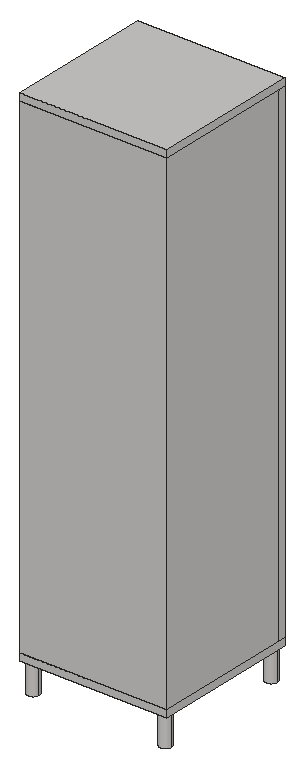
Revit family "Шкаф для хранения уборочного инвентаря", category Оборудование, Revit 2017
Family settings
  Размер круглого соединителя = Использовать диаметр
  Тип детали = Нормальный
  На основе рабочей плоскости = Нет
  Всегда вертикально = Да
  При загрузке вырезать с полостями = Нет
  Общий = Да
  Точка расчета площади = Нет
Parameters (values of type "Тип")
  Общ_Ширина = 500 mm
  Общ_Тип, марка = "MD LS-11-50"
  Общ_Примечание = ""
  Общ_Поставщик = "Практик"
  Общ_Позиция = "18"
  Общ_Наименование = "Шкаф для хранения уборочного инвентаря металлический"
  Общ_Масса = "26"
  Общ_Код продукции = ""
  Общ_Единицы измерения = "шт."
  Общ_Глубина = 500 mm
  Общ_Высота = 1830 mm
Reference planes
  plane 1 "По центру (Вперед/Назад)": y = 0
  plane 2: z = 0
  plane 3 "По центру (Влево/Вправо)": x = 0
  plane 4: y = 500
  plane 5: x = 500
  plane 6: x = 250
  plane 7: z = 1830
  plane 8: z = 100
  plane 9: z = 125
  plane 10: z = 1805
  plane 11: y = 475
  plane 12: x = 25
  plane 13: y = 25
  plane 14: x = 475
Forms (mm)
  Extrusion 1, solid, material "ТХ нержавейка", detail levels fine
    sketch origin (0, -1524, 1830) x (-1, 0, 0) y (0, -1, 0)
      loop
        line (0, -2024) -> (0, -1524) -> (-500, -1524) -> (-500, -2024) -> (0, -2024)
    from 0 to -25
  Extrusion 2, solid, material "ТХ нержавейка", detail levels fine
    sketch origin (-60, -1524, 125) x (-1, 0, 0) y (0, -1, 0)
      loop
        line (-60, -2024) -> (-60, -1524) -> (-560, -1524) -> (-560, -2024) -> (-60, -2024)
    from 0 to -25
  Extrusion 3, solid, material "ТХ нержавейка", detail levels fine
    sketch origin (1041.982, -1524, 1805) x (0, -1, 0) y (-1, 0, 0)
      loop
        line (-1999, 1041.982) -> (-1999, 541.982) -> (-1524, 541.982) -> (-1524, 1041.982) -> (-1999, 1041.982)
    from 0 to 1680
  Extrusion 4, solid, material "ТХ нержавейка", detail levels fine
    sketch origin (-60, -1524, 100) x (-1, 0, 0) y (0, -1, 0)
      loop
        circle (-85, -1999) r 20
      loop
        circle (-535, -1999) r 20
      loop
        circle (-535, -1549) r 20
      loop
        circle (-85, -1549) r 20
    from 0 to -100
  Extrusion 5, solid, material "ТХ нержавейка", detail levels fine
    sketch origin (1041.982, -1524, 1805) x (0, -1, 0) y (-1, 0, 0)
      loop
        line (-2024, 1041.982) -> (-2024, 1026.982) -> (-2014, 1026.982) -> (-2014, 1020.948) -> (-2024, 1001.982) -> (-2024, 541.982) -> (-1999, 541.982) -> (-1999, 1041.982) -> (-2024, 1041.982)
    from 0 to 1680
Lines and regions (mm)
  symbolic lines, detail levels coarse+medium
    curve 1: line (0, 500, 820) -> (500, 500, 820)
    curve 2: line (0, 0, 820) -> (0, 500, 820)
    curve 3: line (500, 0, 820) -> (0, 0, 820)
    curve 4: line (500, 500, 820) -> (500, 0, 820)
    curve 5: line (0, 500, 1805) -> (250, 0, 1805)
    curve 6: line (250, 0, 1805) -> (500, 500, 1805)
Dimensions and locks
  "Общ_Глубина": plane 4 to plane 1 "По центру (Вперед/Назад)"
  "Общ_Ширина": plane 3 "По центру (Влево/Вправо)" to plane 5
  equal spacing: plane 3 "По центру (Влево/Вправо)", plane 6, plane 5
  "Общ_Высота": plane 7 to level
  locked: plane 7 to plane 10 at 25
  locked: plane 9 to plane 8 at 25
  locked: plane 8 to level at 100
  locked: plane 3 "По центру (Влево/Вправо)" to plane 12 at 25
  locked: plane 11 to plane 4 at 25
  locked: plane 14 to plane 5 at 25
  locked: plane 13 to plane 1 "По центру (Вперед/Назад)" at 25
  Extrusion 5 sketch curve to Extrusion 5 sketch curve = 15 mm  (x2)
  aligned and locked: level to plane 2
  aligned and locked: plane 4 to curve 1
  aligned and locked: curve 2 to plane 3 "По центру (Влево/Вправо)"
  aligned and locked: plane 1 "По центру (Вперед/Назад)" to curve 3
  aligned and locked: plane 5 to curve 4
  aligned and locked: Extrusion 1 sketch curve to plane 4
  aligned and locked: plane 3 "По центру (Влево/Вправо)" to Extrusion 1 sketch curve
  aligned and locked: Extrusion 1 sketch curve to plane 1 "По центру (Вперед/Назад)"
  aligned and locked: Extrusion 1 sketch curve to plane 5
  aligned and locked: plane 10 to Extrusion 1
  aligned and locked: plane 7 to Extrusion 1
  aligned and locked: Extrusion 2 sketch curve to plane 4
  aligned and locked: plane 3 "По центру (Влево/Вправо)" to Extrusion 2 sketch curve
  aligned and locked: Extrusion 2 sketch curve to plane 1 "По центру (Вперед/Назад)"
  aligned and locked: Extrusion 2 sketch curve to plane 5
  aligned and locked: Extrusion 2 to plane 8
  aligned and locked: plane 9 to Extrusion 2
  aligned and locked: Extrusion 3 sketch curve to plane 11
  aligned and locked: Extrusion 3 sketch curve to plane 3 "По центру (Влево/Вправо)"
  aligned and locked: plane 1 "По центру (Вперед/Назад)" to Extrusion 3 sketch curve
  aligned and locked: plane 5 to Extrusion 3 sketch curve
  aligned and locked: Extrusion 3 to plane 9
  aligned and locked: Extrusion 3 to plane 10
  aligned and locked: plane 11 to Extrusion 4 sketch curve  (x2)
  aligned and locked: plane 12 to Extrusion 4 sketch curve  (x2)
  aligned and locked: plane 14 to Extrusion 4 sketch curve  (x2)
  aligned and locked: plane 13 to Extrusion 4 sketch curve  (x2)
  aligned and locked: Extrusion 4 to level
  aligned and locked: plane 8 to Extrusion 4
  aligned and locked: plane 4 to Extrusion 5 sketch curve
  aligned and locked: plane 11 to Extrusion 5 sketch curve
  aligned and locked: plane 5 to Extrusion 5 sketch curve
  aligned and locked: Extrusion 5 to plane 9
  aligned and locked: Extrusion 5 to plane 10
Automatic sketch dimensions
  Extrusion 5 sketch curve to plane 4 = 0 mm
  Extrusion 5 sketch curve to Extrusion 5 sketch curve = 6.034 mm
  Extrusion 5 sketch curve to Extrusion 5 sketch curve = 18.966 mm
  curve 6 to plane 4 = 0 mm
  curve 5 to plane 3 "По центру (Влево/Вправо)" = 0 mm
  curve 5 to plane 4 = 0 mm
  plane 1 "По центру (Вперед/Назад)" to curve 6 = 0 mm
  curve 5 to plane 6 = 0 mm
  curve 6 to plane 5 = 0 mm
  Extrusion 5 sketch curve to plane 3 "По центру (Влево/Вправо)" = 0 mm
  radius of Extrusion 4 sketch curve = 20 mm  (x4)
